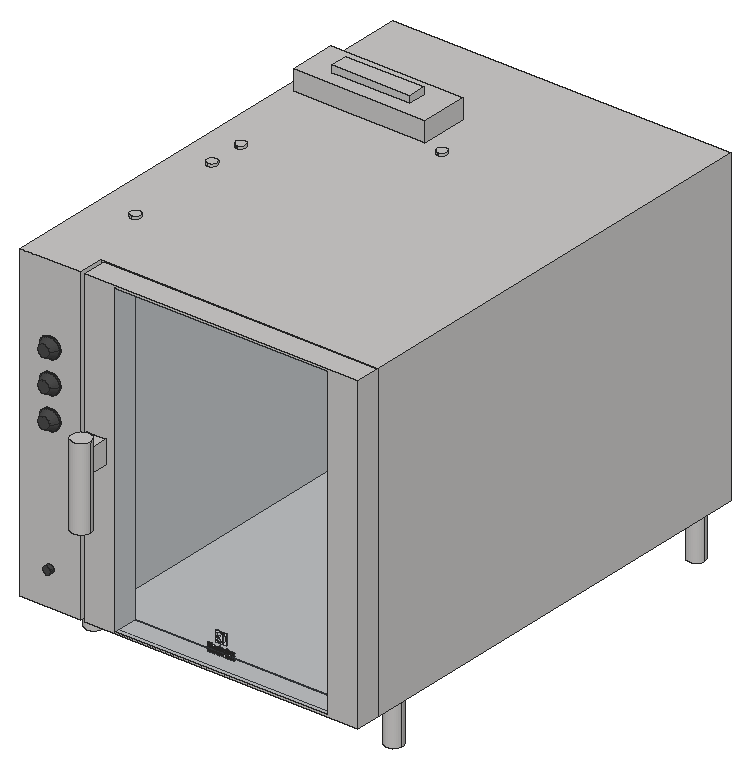
Revit family "QF_ELECTROLUXPROFESSIONAL_260829_EFCL12CSBQ", category Attrezzature speciali, Revit 2018
Family settings
  Quota connettore circolare = Usa diametro
  Tipo di parte = Normale
  Basato su piano di lavoro = No
  Sempre verticale = Sì
  Taglio con vuoti quando caricato = No
  Condiviso = No
  Punto di calcolo locali = No
Parameters (values of type "Standard")
  Weight = 154.00 kg
  Watts = 500 W
  Volts = 220 V
  URL Manufacturer = "https://www.electroluxprofessional.com/"
  URL = "https://www.electroluxprofessional.com/"
  Steam Supply Size = 0 mm
  Steam Supply Minimum Pressure = 0.0 Pa
  Steam Supply Maximum Pressure = 0.0 Pa
  Steam Consumption per Hour = 0
  Show Logo [instance] = yes
  Show Clearance [instance] = yes
  Refrigeration Suction Line Size = 0 mm
  Refrigeration Liquid Line Size = 0 mm
  Refrigerant Compressor Remote = yes
  Produttore = "Electrolux Professional"
  Phase = 1
  Modello = "EFCL12CSBQ"
  Length Actual = 890 mm  # constant formula
  Item Number = "260829"
  Hot Water Size = 0 mm
  Height Actual = 970 mm  # constant formula
  HP = "0.7 HP"
  Gas Size = 12.7 mm
  Gas KW = 25
  Gas Input Pressure = 0.183019 W
  Direct Waste Size = 25 mm
  Descrizione = "CONVECTION OVEN CW 10 GN 2/1 - GAS - 60HZ - Q MARK"
  Depth Actual = 1215 mm  # constant formula
  Cycle = 60 Hz
  Condensate Return Size = 0 mm
  Compressed Air Volume = 0.0 L/s
  Compressed Air Size = 0 mm
  Compressed Air Pressure = 0.0 Pa
  Cold Water Size = 19.05 mm
  Accessory = yes
Types (2, lengths in mm): name | URL | Produttore | Phase | Modello | Gas Size | Direct Waste Size | Descrizione | Cold Water Size
  (no name) | 0 | 0 | 0 | 0 | 0 | 0 | 0 | 0
  Standard | "https://www.electroluxprofessional.com/" | "Electrolux Professional" | 1 | "EFCL12CSBQ" | 12.7 | 25 | "CONVECTION OVEN CW 10 GN 2/1 - GAS - 60HZ - Q MARK" | 19.05
Values of the unnamed type that differ from the named types
  Weight = 0.00 kg
  Watts = 0 W
  Volts = 0 V
  URL Manufacturer = ""
  Item Number = ""
  HP = ""
  Gas KW = 0
  Gas Input Pressure = 0 W
  Cycle = 0 Hz
Reference planes
  plane 1 "Center X": y = -132.649
  plane 2: z = 0
  plane 3 "Center Y": x = -315
  plane 4 "LEFT": x = -760
  plane 5 "BACK": y = 479.851
  plane 6 "RIGHT": x = 130
  plane 7 "FRONT": y = -745.149
  plane 8: x = -710
  plane 9: y = 421.851
  plane 10: y = -680.149
  plane 11: x = 80
  plane 12: y = -1426.149
Forms (mm)
  Extrusion 1, solid, material "QF_Finishes_Stainless Steel"
    sketch origin (0, 0, 950) x (-1, 0, 0) y (0, -1, 0)
      loop
        line (760, -479.851) -> (760, 745.149) -> (600, 745.149) -> (600, 680.149) -> (-130, 680.149) -> (-130, -479.851) -> (760, -479.851)
    from 0 to -820
  Extrusion 2, solid, material "QF_Finishes_Stainless Steel"
    sketch origin (0, -745.149, -670) x (-1, 0, 0) y (0, 0, 1)
      loop
        line (590, 1620) -> (-130, 1620) -> (-130, 800) -> (590, 800) -> (590, 1620)
      loop
        line (510, 1615) -> (-50, 1615) -> (-50, 805) -> (510, 805) -> (510, 1615)
    from 0 to 65
  Extrusion 3, solid, material "QF_Finishes_Glass"
    sketch origin (0, -745.149, -670) x (-1, 0, 0) y (0, 0, 1)
      loop
        line (-50, 1615) -> (-50, 805) -> (510, 805) -> (510, 1615) -> (-50, 1615)
    from 0 to 9.69
  Extrusion 4, void
    sketch origin (-600, -680.149, 950) x (-1, 0, 0) y (0, 0, 1)
      loop
        line (-10, -5) -> (-650, -5) -> (-650, -815) -> (-10, -815) -> (-10, -5)
    from 0 to 1102
  Extrusion 5, solid, material "QF_Finishes_Stainless Steel"
    sketch origin (-32, -391, 955) x (0, -1, 0) y (-1, 0, 0)
      loop
        circle (-265.851, 643) r 13.25
    from 0 to 5
  Extrusion 6, solid, material "QF_Door-Drawer Clearances", visible <- "Show Clearance", detail levels coarse
    sketch origin (0, 0, 950) x (-1, 0, 0) y (0, -1, 0)
      loop
        arc (590, 745.149) -> (362.228, 1225.45) -> (-130, 1426.149) r 734.22
        line (-130, 1426.149) -> (-130, 745.149) -> (590, 745.149)
    from -820 to 0
  Extrusion 7, solid, material "QF_Finishes_Black"
    sketch origin (24, -745.149, -766.676) x (-1, 0, 0) y (0, 0, 1)
      loop
        circle (704, 1512.5) r 26.676
    from 0 to -3
  Blend 8, solid, material "QF_Finishes_Black"
    base sketch origin (-21, -745.149, -766.676) x (1, 0, 0) y (0, 0, 1)
      loop
        circle (-659, 1512.5) r 25
    top sketch origin (-21, -745.149, -766.676) x (1, 0, 0) y (0, 0, 1)
      loop
        circle (-659, 1512.5) r 15
    from 3 to 21.442
  Extrusion 9, solid, material "QF_Finishes_Black"
    sketch origin (24, -745.149, -851.676) x (-1, 0, 0) y (0, 0, 1)
      loop
        circle (704, 1512.5) r 26.676
    from 0 to -3
  Blend 10, solid, material "QF_Finishes_Black"
    base sketch origin (-21, -745.149, -851.676) x (1, 0, 0) y (0, 0, 1)
      loop
        circle (-659, 1512.5) r 25
    top sketch origin (-21, -745.149, -851.676) x (1, 0, 0) y (0, 0, 1)
      loop
        circle (-659, 1512.5) r 15
    from 3 to 21.442
  Extrusion 11, solid, material "QF_Finishes_Black"
    sketch origin (24, -745.149, -936.676) x (-1, 0, 0) y (0, 0, 1)
      loop
        circle (704, 1512.5) r 26.676
    from 0 to -3
  Blend 12, solid, material "QF_Finishes_Black"
    base sketch origin (-21, -745.149, -936.676) x (1, 0, 0) y (0, 0, 1)
      loop
        circle (-659, 1512.5) r 25
    top sketch origin (-21, -745.149, -936.676) x (1, 0, 0) y (0, 0, 1)
      loop
        circle (-659, 1512.5) r 15
    from 3 to 21.442
  Extrusion 13, solid, material "QF_Finishes_Stainless Steel"
    sketch origin (-17, -431, 955) x (0, -1, 0) y (-1, 0, 0)
      loop
        circle (59.149, 643) r 13.25
    from 0 to 5
  Extrusion 14, solid, material "QF_Finishes_Stainless Steel"
    sketch origin (309, 1.5, 955) x (0, -1, 0) y (-1, 0, 0)
      loop
        circle (-108.351, 643) r 13.25
    from 0 to 5
  Extrusion 15, solid, material "QF_Finishes_Stainless Steel"
    sketch origin (0, 0, 575) x (-1, 0, 0) y (0, -1, 0)
      loop
        circle (559.299, 795.149) r 25
    from -193.655 to 20
  Extrusion 16, solid, material "QF_Finishes_Stainless Steel"
    sketch origin (0, 0, 575) x (-1, 0, 0) y (0, -1, 0)
      loop
        line (534.299, 795.149) -> (534.299, 745.149) -> (584.299, 745.149) -> (584.299, 795.149)
        arc (584.299, 795.149) -> (559.299, 770.149) -> (534.299, 795.149) r 25
    from -55.026 to 5
  Extrusion 17, solid, material "QF_Finishes_Black"
    sketch origin (25, -795.149, -1017.5) x (-1, 0, 0) y (0, 0, 1)
      loop
        circle (705.941, 1240.523) r 10
    from 40 to 50
  Extrusion 18, solid, material "QF_Finishes_Stainless Steel"
    sketch origin (-122.755, -56.423, 1620) x (-1, 0, 0) y (0, -1, 0)
      loop
        line (611.245, -302.274) -> (611.245, -178.274) -> (265.245, -178.274) -> (265.245, -302.274) -> (611.245, -302.274)
    from -670 to -619
  Extrusion 19, solid, material "QF_Finishes_Stainless Steel"
    sketch origin (-122.755, -56.423, 1001) x (-1, 0, 0) y (0, -1, 0)
      loop
        line (541.245, -263.274) -> (541.245, -217.274) -> (335.245, -217.274) -> (335.245, -263.274) -> (541.245, -263.274)
    from 0 to 17
  Extrusion 20, solid, material "QF_Finishes_Stainless Steel"
    sketch origin (-32, -486, 955) x (0, -1, 0) y (-1, 0, 0)
      loop
        circle (-265.851, 643) r 13.25
    from 0 to 5
Cuts and joins
  Extrusion 4 cuts Extrusion 2
  Extrusion 4 cuts Extrusion 1
Lines and regions (mm)
  Split face 1
    outline origin (50, -745.149, 135) x (1, 0, 0) y (0, 0, 1)
      loop
        line (-546.223, 92.039) -> (-395, 92.039) -> (-366.716, 120.323) -> (-280, 120.323) -> (-193.284, 120.323) -> (-165, 92.039) -> (-13.777, 92.039) -> (-13.777, 732.039) -> (-546.223, 732.039) -> (-546.223, 92.039)
  Split face 2
    outline origin (-760, -745.149, 950) x (0, 0, -1) y (1, 0, 0)
      loop
        line (5, 15) -> (815, 15) -> (815, 145) -> (5, 145) -> (5, 15)
  Split face 3
    outline origin (-760, -745.149, 950) x (0, 0, -1) y (1, 0, 0)
      loop
        line (50, 15) -> (50, 145)
  Split face 4
    outline origin (-760, -745.149, 950) x (0, 0, -1) y (1, 0, 0)
      loop
        line (770, 15) -> (770, 145)
  Split face 5
    outline origin (-760, -745.149, 950) x (0, 0, -1) y (1, 0, 0)
      loop
        line (447.866, 50) -> (472.866, 50) -> (472.866, 110) -> (447.866, 110) -> (447.866, 50)
  symbolic lines
    curve 1: line (-760, -745.149, 1620) -> (-760, 479.851, 1620)
    curve 2: line (-760, 479.851, 1620) -> (130, 479.851, 1620)
    curve 3: line (-600, -680.149, 1620) -> (130, -680.149, 1620)
    curve 4: line (-600, -680.149, 1620) -> (-600, -745.149, 1620)
    curve 5: line (-760, -745.149, 1620) -> (130, -745.149, 1620)
    curve 6: line (-706.676, -748.149, 1620) -> (-653.324, -748.149, 1620)
    curve 7: line (-695, -766.591, 1620) -> (-665, -766.591, 1620)
    curve 8: line (-706.676, -748.149, 1620) -> (-706.676, -745.149, 1620)
    curve 9: line (-653.324, -748.149, 1620) -> (-653.324, -745.149, 1620)
    curve 10: line (-695, -766.591, 1620) -> (-705, -748.149, 1620)
    curve 11: line (-665, -766.591, 1620) -> (-655.006, -748.149, 1620)
    curve 12: line (130, 479.851, 1620) -> (130, -745.149, 1620)
    curve 14: arc (-534.299, -795.149, 1620) -> (-559.299, -770.149, 1620) -> (-584.299, -795.149, 1620) r 25
    curve 15: arc (-584.299, -795.149, 1620) -> (-559.299, -820.149, 1620) -> (-534.299, -795.149, 1620) r 25
    curve 16: line (-534.299, -795.149, 1620) -> (-534.299, -745.149, 1620)
    curve 17: line (-584.299, -745.149, 1620) -> (-584.299, -795.149, 1620)
    curve 19: line (-734, 245.851, 1620) -> (-388, 245.851, 1620)
    curve 20: line (-734, 121.851, 1620) -> (-734, 245.851, 1620)
    curve 21: line (-388, 121.851, 1620) -> (-734, 121.851, 1620)
    curve 22: line (-388, 245.851, 1620) -> (-388, 121.851, 1620)
    curve 23: line (-664, 206.851, 1620) -> (-458, 206.851, 1620)
    curve 24: line (-664, 160.851, 1620) -> (-664, 206.851, 1620)
    curve 25: line (-458, 160.851, 1620) -> (-664, 160.851, 1620)
    curve 26: line (-458, 206.851, 1620) -> (-458, 160.851, 1620)
  symbolic lines, style "QF_Door-Drawer Clearances"
    curve 13: line (130, -1426.149, 1620) -> (130, -745.149, 1620)
    curve 18: arc (-590, -745.149, 1620) -> (-362.228, -1225.45, 1620) -> (130, -1426.149, 1620) r 734.22
Dimensions and locks
  equal spacing: plane 4 "LEFT", plane 3 "Center Y", plane 6 "RIGHT"
  plane 4 "LEFT" to plane 6 "RIGHT" = 890 mm
  plane 5 "BACK" to plane 7 "FRONT" = 1225 mm
  equal spacing: plane 5 "BACK", plane 1 "Center X", plane 7 "FRONT"
  plane 5 "BACK" to plane 12 = 1906 mm
  Extrusion 6 to level = 130 mm
  Extrusion 6 to level = 950 mm
  aligned and locked: level to plane 2
  aligned and locked: Blend 8 to Extrusion 7
  aligned and locked: Blend 10 to Extrusion 9
  aligned and locked: Blend 12 to Extrusion 11
Automatic sketch dimensions
  Extrusion 1 sketch curve to plane 5 "BACK" = 0 mm
  Extrusion 1 sketch curve to plane 6 "RIGHT" = 0 mm
  Extrusion 1 sketch curve to plane 10 = 0 mm
  Extrusion 1 sketch curve to plane 7 "FRONT" = 0 mm
  Extrusion 1 sketch curve to plane 4 "LEFT" = 0 mm
  plane 8 to Extrusion 1 sketch curve = 110 mm
  Extrusion 2 sketch curve to plane 6 "RIGHT" = 0 mm
  Extrusion 2 sketch curve to plane 11 = 30 mm
  Extrusion 2 sketch curve to plane 3 "Center Y" = 195 mm
  Extrusion 2 sketch curve to Extrusion 2 sketch curve = 80 mm
  level to Extrusion 2 sketch curve = 130 mm
  Extrusion 2 sketch curve to Extrusion 2 sketch curve = 5 mm  (x2)
  Extrusion 2 sketch curve to Extrusion 2 sketch curve = 810 mm
  Extrusion 3 sketch curve to plane 11 = 30 mm
  Extrusion 3 sketch curve to plane 3 "Center Y" = 195 mm  (x2)
  level to Extrusion 3 sketch curve = 135 mm
  Extrusion 3 sketch curve to Extrusion 3 sketch curve = 810 mm
  Extrusion 4 sketch curve to plane 11 = 30 mm
  plane 8 to Extrusion 4 sketch curve = 120 mm
  level to Extrusion 4 sketch curve = 135 mm
  Extrusion 4 sketch curve to Extrusion 4 sketch curve = 810 mm
  Extrusion 5 sketch curve to plane 1 "Center X" = 7.5 mm
  plane 8 to Extrusion 5 sketch curve = 35 mm
  Extrusion 6 sketch curve to plane 6 "RIGHT" = 0 mm
  Extrusion 6 sketch curve to plane 7 "FRONT" = 0 mm
  Extrusion 6 sketch curve to plane 12 = 0 mm
  plane 6 "RIGHT" to Extrusion 6 sketch curve = 12.296 mm
  plane 8 to Extrusion 6 sketch curve = 120 mm
  plane 8 to Extrusion 7 sketch curve = 30 mm
  level to Extrusion 7 sketch curve = 745.824 mm
  Extrusion 2 to Blend 8 sketch curve = 90 mm  (x2)
  Extrusion 2 to Blend 8 sketch curve = 199.176 mm  (x2)
  plane 8 to Extrusion 9 sketch curve = 30 mm
  level to Extrusion 9 sketch curve = 660.824 mm
  Extrusion 2 to Blend 10 sketch curve = 90 mm  (x2)
  Extrusion 2 to Blend 10 sketch curve = 284.176 mm  (x2)
  plane 8 to Extrusion 11 sketch curve = 30 mm
  level to Extrusion 11 sketch curve = 575.824 mm
  Extrusion 2 to Blend 12 sketch curve = 90 mm  (x2)
  Extrusion 2 to Blend 12 sketch curve = 369.176 mm  (x2)
  plane 8 to Extrusion 13 sketch curve = 50 mm
  plane 10 to Extrusion 13 sketch curve = 190 mm
  Extrusion 14 sketch curve to plane 3 "Center Y" = 19 mm
  Extrusion 14 sketch curve to plane 1 "Center X" = 242.5 mm
  Extrusion 15 sketch curve to plane 7 "FRONT" = 50 mm
  plane 8 to Extrusion 15 sketch curve = 150.701 mm
  Extrusion 16 sketch curve to plane 7 "FRONT" = 0 mm
  plane 8 to Extrusion 16 sketch curve = 175.701 mm
  Extrusion 16 sketch curve to Extrusion 16 sketch curve = 25 mm
  Extrusion 16 sketch curve to plane 7 "FRONT" = 50 mm
  Split face 1 sketch curve to Extrusion 3 = 13.777 mm  (x2)
  Split face 1 sketch curve to Split face 1 sketch curve = 151.223 mm
  Split face 1 sketch curve to Split face 1 sketch curve = 28.284 mm  (x3)
  Split face 1 sketch curve to Split face 1 sketch curve = 86.716 mm  (x2)
  Split face 1 sketch curve to Extrusion 3 = 92.039 mm  (x2)
  Split face 1 sketch curve to Extrusion 3 = 77.961 mm
  Split face 2 sketch curve to cut or joined group of Extrusion 1, Extrusion 4 = 5 mm  (x2)
  Split face 2 sketch curve to cut or joined group of Extrusion 1, Extrusion 4 = 15 mm  (x2)
  Split face 3 sketch curve to cut or joined group of Extrusion 1, Extrusion 4 = 15 mm  (x2)
  Split face 3 sketch curve to cut or joined group of Extrusion 1, Extrusion 4 = 50 mm
  Split face 4 sketch curve to cut or joined group of Extrusion 1, Extrusion 4 = 15 mm  (x2)
  Split face 4 sketch curve to cut or joined group of Extrusion 1, Extrusion 4 = 50 mm
  Split face 5 sketch curve to cut or joined group of Extrusion 1, Extrusion 4 = 50 mm  (x2)
  Split face 5 sketch curve to cut or joined group of Extrusion 1, Extrusion 4 = 372.134 mm
  Split face 5 sketch curve to Split face 5 sketch curve = 25 mm
  plane 8 to Extrusion 17 sketch curve = 29.059 mm
  level to Extrusion 17 sketch curve = 223.023 mm
  Extrusion 18 sketch curve to plane 3 "Center Y" = 73 mm
  Extrusion 18 sketch curve to plane 8 = 24 mm
  Extrusion 18 sketch curve to plane 9 = 176 mm
  Extrusion 18 sketch curve to Extrusion 18 sketch curve = 124 mm
  Extrusion 19 sketch curve to Extrusion 18 = 70 mm  (x2)
  Extrusion 19 sketch curve to Extrusion 18 = 39 mm  (x2)
  plane 8 to Extrusion 20 sketch curve = 35 mm
  plane 1 "Center X" to Extrusion 20 sketch curve = 87.5 mm
  curve 14 to curve 15 = 0 mm  (x2)
  curve 12 to plane 6 "RIGHT" = 0 mm
  curve 16 to plane 7 "FRONT" = 0 mm
  curve 4 to plane 10 = 0 mm
  curve 2 to plane 4 "LEFT" = 0 mm
  curve 1 to plane 5 "BACK" = 0 mm
  curve 18 to plane 12 = 0 mm
  plane 6 "RIGHT" to curve 18 = 12.296 mm
  curve 19 to plane 3 "Center Y" = 73 mm
  curve 19 to curve 26 = 70 mm
  curve 16 to plane 7 "FRONT" = 50 mm
  plane 8 to curve 16 = 175.701 mm
  curve 14 to curve 15 = 25 mm
  curve 17 to curve 4 = 15.701 mm
  curve 6 to plane 7 "FRONT" = 3 mm
  curve 4 to curve 6 = 53.324 mm
  plane 8 to curve 23 = 46 mm
  curve 11 to plane 7 "FRONT" = 21.442 mm
  curve 6 to curve 11 = 11.676 mm
  plane 8 to curve 7 = 15 mm
  plane 8 to curve 8 = 3.324 mm
  curve 20 to plane 8 = 24 mm
  curve 19 to plane 9 = 176 mm
  curve 19 to curve 23 = 39 mm
  curve 23 to curve 25 = 46 mm
  curve 24 to curve 21 = 39 mm
  curve 18 to plane 10 = 11.883 mm
  curve 6 to curve 11 = 1.682 mm
  curve 10 to curve 6 = 1.676 mm
  radius of Extrusion 5 sketch curve = 13.25 mm
  radius of Extrusion 7 sketch curve = 26.676 mm
  radius of Blend 8 sketch curve = 25 mm
  radius of Blend 8 sketch curve = 15 mm
  radius of Extrusion 9 sketch curve = 26.676 mm
  radius of Blend 10 sketch curve = 25 mm
  radius of Blend 10 sketch curve = 15 mm
  radius of Extrusion 11 sketch curve = 26.676 mm
  radius of Blend 12 sketch curve = 25 mm
  radius of Blend 12 sketch curve = 15 mm
  radius of Extrusion 13 sketch curve = 13.25 mm
  radius of Extrusion 14 sketch curve = 13.25 mm
  radius of Extrusion 15 sketch curve = 25 mm
  radius of Extrusion 17 sketch curve = 10 mm
  radius of Extrusion 20 sketch curve = 13.25 mm
Nested families
  nested 1: "Foot" at (-710, -565.149, 0), type "Foot"
    with Ø 22 mm, H 130 mm
  nested 2: "Foot" at (80, -565.149, 0), type "Foot"
    with Ø 22 mm, H 130 mm
  nested 3: "Foot" at (80, 429.851, 0), type "Foot"
    with Ø 22 mm, H 130 mm
  nested 4: "Foot" at (-710, 429.851, 0), type "Foot"
    with Ø 22 mm, H 130 mm
  nested 5: "ELX_Pro_Logo" at (-230, -745.149, 201.012) x (1, 0, 0) z (0, -1, 0), type "ELX_Pro_Logo"
Connectors
  piping at (-334, 109.851, 955), diameter 26.4
    settings: on Extrusion 14, index 6, connector inside diameter 609.6 mm, connector length 0 mm, flow factor 0, pipe flow 0.0 L/s, pressure drop 0.0 Pa, fitting loss kfactor 0, connector angle 0.00°, fixture units 0, engagement length 0 mm, angle of deflection 0.00°, flow configuration 0, flow direction 0, fitting loss method 0, system type 16, joint type 0, gender type 0, connector reference index -1, connector utility 0, adjustable connector no, is connector primary yes, connector description ""
  electrical at (-660, -490.149, 955)
    settings: on Extrusion 13, index 7, voltage 0 V, apparent load 0 VA, apparent load phase1 0 VA, apparent load phase2 0 VA, apparent load phase3 0 VA, power factor 1, load classification "Altro", number of poles 1, system type 30, power factor state 1, is connector primary yes, connector utility no, sub classification motor no, connector description "Electrical"
  piping at (-675, -125.149, 955), diameter 26.4
    settings: on Extrusion 5, index 8, connector inside diameter 609.6 mm, connector length 0 mm, flow factor 0, pipe flow 0.0 L/s, pressure drop 0.0 Pa, fitting loss kfactor 0, connector angle 0.00°, fixture units 0, engagement length 0 mm, angle of deflection 0.00°, flow configuration 0, flow direction 0, fitting loss method 0, system type 20, joint type 0, gender type 0, connector reference index -1, connector utility 0, adjustable connector no, is connector primary no, connector description "Cold Water Inled"
  piping at (-675, -220.149, 955), diameter 26.4
    settings: on Extrusion 20, index 9, connector inside diameter 609.6 mm, connector length 0 mm, flow factor 0, pipe flow 0.0 L/s, pressure drop 0.0 Pa, fitting loss kfactor 0, connector angle 0.00°, fixture units 0, engagement length 0 mm, angle of deflection 0.00°, flow configuration 0, flow direction 0, fitting loss method 0, system type 22, joint type 0, gender type 0, connector reference index -1, connector utility 0, adjustable connector no, is connector primary no, connector description "Gas"
Definition of nested family "Foot"
  Parameters
    Ø [instance] = 20 mm
    H [instance] = 50 mm
  Reference planes
    plane 1 "Centro (Fronte/Retro)": y = 0
    plane 2: z = 0
    plane 3 "Centro (Sinistra/Destra)": x = 0
    plane 4: z = 50
  Forms (mm)
    Revolve 1, solid
      sketch origin (255.05, 0, 608.09) x (0, 0, 1) y (-1, 0, 0)
        loop
          line (-608.09, 255.05) -> (-608.09, 235.05) -> (-558.09, 235.05) -> (-558.09, 255.05) -> (-608.09, 255.05)
        axis (-608.09, 255.05) -> (-558.09, 255.05)
      angle from 0 to 360
  Dimensions and locks
    "H": plane 4 to plane 2
    "Ø": Revolve 1 sketch curve to Revolve 1 sketch curve
    aligned and locked: level to plane 2
    aligned and locked: plane 4 to Revolve 1 sketch curve
    aligned and locked: Revolve 1 sketch curve to level
    aligned and locked: plane 3 "Centro (Sinistra/Destra)" to Revolve 1 sketch curve
  Automatic sketch dimensions
    Revolve 1 sketch curve to plane 3 "Centro (Sinistra/Destra)" = 0 mm
    Revolve 1 sketch curve to Revolve 1 sketch curve = 50 mm
    Revolve 1 sketch curve to Revolve 1 sketch curve = 20 mm
Definition of nested family "ELX_Pro_Logo"
  Parameters (values of type "ELX_Pro_Logo")
    M = none
    Default Elevation = 0 mm
  Reference planes
    plane 1 "Centro (Fronte/Retro)": y = 0
    plane 2: z = 0
    plane 3 "Centro (Sinistra/Destra)": x = 0
  Forms (mm)
    Extrusion 1, solid
      sketch origin (0, 0, 0) x (1, 0, 0) y (0, 1, 0)
        loop
          line (-1219.2, 1219.2) -> (-1219.2, -1219.2) -> (1219.2, -1219.2) -> (1219.2, 1219.2) -> (-1219.2, 1219.2)
      from 0 to -304.8
    Extrusion 2, solid, material <- "M"
      sketch origin (-144.622, -1081.55, 0) x (-1, 0, 0) y (0, -1, 0)
        loop
          line (-111.329, -1069.559) -> (-111.329, -1071.073) -> (-116.048, -1071.073) -> (-116.048, -1072.896) -> (-111.328, -1072.896) -> (-111.328, -1075.549) -> (-116.349, -1075.549) -> (-116.349, -1077.368) -> (-109.396, -1077.368) -> (-109.396, -1073.46) -> (-109.396, -1069.659)
          arc (-109.396, -1069.659) -> (-110.425, -1067.175) -> (-112.909, -1066.146) r 3.513
          line (-112.909, -1066.146) -> (-116.483, -1066.146) -> (-116.483, -1067.963) -> (-112.925, -1067.963)
          arc (-112.925, -1067.963) -> (-111.797, -1068.431) -> (-111.329, -1069.559) r 1.596
        loop
          line (-119.79, -1077.358) -> (-117.856, -1077.358) -> (-117.856, -1072.053) -> (-117.856, -1066.132) -> (-119.79, -1066.132) -> (-119.79, -1072.092) -> (-119.79, -1077.358)
        loop
          line (-122.986, -1069.718) -> (-129.327, -1069.718)
          arc (-129.327, -1069.718) -> (-129.219, -1071.449) -> (-128.497, -1073.026) r 4.757
          arc (-128.497, -1073.026) -> (-125.237, -1074.5) -> (-121.978, -1073.026) r 4.34
          arc (-121.978, -1073.026) -> (-121.072, -1070.207) -> (-121.978, -1067.388) r 4.838
          arc (-121.978, -1067.388) -> (-125.393, -1065.933) -> (-128.809, -1067.388) r 4.737
          line (-128.809, -1067.388) -> (-127.645, -1068.52)
          arc (-127.645, -1068.52) -> (-125.509, -1067.576) -> (-123.374, -1068.52) r 2.888
          arc (-123.374, -1068.52) -> (-123.05, -1069.077) -> (-122.986, -1069.718) r 1.527
        loop
          arc (-127.386, -1071.076) -> (-126.67, -1072.331) -> (-125.331, -1072.872) r 2.201
          arc (-125.331, -1072.872) -> (-123.848, -1072.402) -> (-123.033, -1071.076) r 2.23
          line (-123.033, -1071.076) -> (-127.386, -1071.076)
        loop
          line (-136.862, -1071.886) -> (-138.059, -1073.132)
          arc (-138.059, -1073.132) -> (-130.327, -1070.219) -> (-138.059, -1067.306) r 4.415
          line (-138.059, -1067.306) -> (-136.862, -1068.553)
          arc (-136.862, -1068.553) -> (-132.252, -1070.22) -> (-136.862, -1071.886) r 2.606
        loop
          line (-141.192, -1069.673) -> (-141.192, -1072.494) -> (-142.951, -1072.494) -> (-142.951, -1074.25) -> (-141.195, -1074.25) -> (-141.195, -1077.358) -> (-139.262, -1077.358) -> (-139.262, -1073.332) -> (-139.262, -1069.514)
          arc (-139.262, -1069.514) -> (-140.299, -1066.92) -> (-142.98, -1066.132) r 3.196
          line (-142.98, -1066.132) -> (-142.987, -1067.949)
          arc (-142.987, -1067.949) -> (-141.652, -1068.356) -> (-141.192, -1069.673) r 1.542
        loop
          line (-146.494, -1073.042) -> (-146.494, -1074.25) -> (-144.576, -1074.25) -> (-144.576, -1070.271) -> (-144.576, -1066.132) -> (-146.494, -1066.132) -> (-146.494, -1070.401)
          arc (-146.494, -1070.401) -> (-147.446, -1072.228) -> (-149.489, -1072.494) r 2.229
          line (-149.489, -1072.494) -> (-149.489, -1074.362)
          arc (-149.489, -1074.362) -> (-147.761, -1074.226) -> (-146.494, -1073.042) r 2.627
        loop
          line (-159.833, -1072.246) -> (-159.833, -1066.131) -> (-161.767, -1066.131) -> (-161.767, -1072.17) -> (-161.767, -1077.359) -> (-159.833, -1077.359) -> (-159.833, -1072.246)
        loop
          line (-165.194, -1069.514) -> (-165.194, -1074.25) -> (-163.245, -1074.25) -> (-163.245, -1071.898) -> (-163.245, -1069.098)
          arc (-163.245, -1069.098) -> (-166.96, -1065.769) -> (-170.687, -1069.085) r 3.745
          line (-170.687, -1069.085) -> (-170.687, -1071.898) -> (-170.687, -1074.25) -> (-168.739, -1074.25) -> (-168.739, -1069.514)
          arc (-168.739, -1069.514) -> (-166.967, -1067.742) -> (-165.194, -1069.514) r 1.772
        loop
          line (-174.654, -1070.416) -> (-172.975, -1068.078) -> (-171.578, -1066.131) -> (-173.656, -1066.131) -> (-175.717, -1068.999) -> (-177.779, -1066.131) -> (-179.857, -1066.131) -> (-178, -1068.728) -> (-176.781, -1070.433) -> (-178.29, -1072.488) -> (-179.583, -1074.25) -> (-177.473, -1074.25) -> (-175.717, -1071.818) -> (-173.945, -1074.25) -> (-171.852, -1074.25) -> (-173.052, -1072.608) -> (-174.654, -1070.416)
        loop
          circle (-154.223, -1070.188) r 2.508
        loop
          circle (-154.223, -1070.188) r 4.42
        loop
          line (-110.224, -1058.542) -> (-111.194, -1058.542)
          arc (-111.194, -1058.542) -> (-112.217, -1059.95) -> (-110.924, -1061.114) r 1.3
          line (-110.924, -1061.114) -> (-109.424, -1061.114) -> (-109.424, -1057.223) -> (-110.224, -1057.223) -> (-110.224, -1058.542)
        loop
          line (-110.224, -1060.379) -> (-110.224, -1059.293) -> (-111.03, -1059.293)
          arc (-111.03, -1059.293) -> (-111.43, -1059.836) -> (-111.03, -1060.379) r 0.569
          line (-111.03, -1060.379) -> (-110.224, -1060.379)
        loop
          line (-116.302, -1058.564) -> (-117.128, -1058.564) -> (-117.934, -1057.223) -> (-118.841, -1057.223) -> (-117.833, -1058.884)
          arc (-117.833, -1058.884) -> (-118.214, -1060.282) -> (-117.028, -1061.114) r 1.26
          line (-117.028, -1061.114) -> (-115.503, -1061.114) -> (-115.503, -1057.223) -> (-116.302, -1057.223) -> (-116.302, -1058.564)
        loop
          line (-116.302, -1060.379) -> (-116.302, -1059.293) -> (-117.109, -1059.293)
          arc (-117.109, -1059.293) -> (-117.508, -1059.836) -> (-117.109, -1060.379) r 0.569
          line (-117.109, -1060.379) -> (-116.302, -1060.379)
        loop
          line (-128.923, -1057.223) -> (-129.723, -1057.223) -> (-129.723, -1058.714) -> (-131.187, -1058.714) -> (-131.187, -1059.514) -> (-129.723, -1059.514) -> (-129.723, -1060.314) -> (-131.327, -1060.314) -> (-131.327, -1061.114) -> (-128.923, -1061.114) -> (-128.923, -1057.223)
        loop
          arc (-134.628, -1058.469) -> (-134.992, -1057.588) -> (-135.874, -1057.223) r 1.246
          line (-135.874, -1057.223) -> (-137.13, -1057.223) -> (-137.13, -1058.023) -> (-135.969, -1058.023)
          arc (-135.969, -1058.023) -> (-135.53, -1058.237) -> (-135.427, -1058.714) r 0.558
          line (-135.427, -1058.714) -> (-136.984, -1058.714) -> (-136.984, -1059.514) -> (-135.427, -1059.514) -> (-135.427, -1060.314) -> (-137.092, -1060.314) -> (-137.092, -1061.114) -> (-134.628, -1061.114) -> (-134.628, -1058.469)
        loop
          line (-152.3, -1057.223) -> (-153.1, -1057.223) -> (-153.1, -1061.114) -> (-152.3, -1061.114) -> (-152.3, -1057.223)
        loop
          line (-164.67, -1057.223) -> (-164.67, -1059.67) -> (-166.45, -1057.223) -> (-167.25, -1057.223) -> (-167.25, -1061.114) -> (-166.42, -1061.114) -> (-166.42, -1058.594) -> (-164.64, -1061.114) -> (-163.84, -1061.114) -> (-163.84, -1057.223) -> (-164.67, -1057.223)
        loop
          line (-170.403, -1057.223) -> (-171.262, -1057.223) -> (-171.641, -1058.063) -> (-173.08, -1058.063) -> (-173.459, -1057.223) -> (-174.317, -1057.223) -> (-172.796, -1061.113) -> (-171.996, -1061.113) -> (-170.403, -1057.223)
        loop
          line (-177.493, -1057.223) -> (-179.789, -1057.223) -> (-179.789, -1058.023) -> (-178.293, -1058.023) -> (-178.293, -1061.114) -> (-177.493, -1061.114) -> (-177.493, -1057.223)
        loop
          line (-172.362, -1059.848) -> (-171.945, -1058.83) -> (-172.76, -1058.83) -> (-172.362, -1059.848)
        loop
          circle (-158.484, -1059.145) r 1.288
        loop
          circle (-158.484, -1059.145) r 2.065
        loop
          arc (-146.04, -1058.095) -> (-146.933, -1057.275) -> (-148.145, -1057.245) r 1.725
          arc (-148.145, -1057.245) -> (-148.965, -1058.02) -> (-148.68, -1059.111) r 1.107
          arc (-148.68, -1059.111) -> (-148.103, -1059.465) -> (-147.486, -1059.746) r 5.523
          arc (-147.486, -1059.746) -> (-147.147, -1060.262) -> (-147.708, -1060.52) r 0.407
          arc (-147.708, -1060.52) -> (-148.045, -1060.315) -> (-148.325, -1060.038) r 1.702
          line (-148.325, -1060.038) -> (-149.011, -1060.45)
          arc (-149.011, -1060.45) -> (-148.578, -1060.911) -> (-148.043, -1061.247) r 2.463
          arc (-148.043, -1061.247) -> (-146.373, -1060.466) -> (-147.42, -1058.949) r 1.207
          spline (-147.42, -1058.949) -> (-147.716, -1058.809) -> (-147.932, -1058.678) -> (-148.077, -1058.557) -> (-148.163, -1058.446) -> (-148.198, -1058.347) -> (-148.192, -1058.258) -> (-148.157, -1058.182) -> (-148.102, -1058.118) -> (-148.037, -1058.068) -> (-147.972, -1058.031) -> (-147.917, -1058.008) -> (-147.883, -1058)
          arc (-147.883, -1058) -> (-147.238, -1058.014) -> (-146.759, -1058.446) r 0.925
          line (-146.759, -1058.446) -> (-146.04, -1058.095)
        loop
          arc (-140.18, -1058.095) -> (-141.073, -1057.275) -> (-142.285, -1057.245) r 1.725
          arc (-142.285, -1057.245) -> (-143.106, -1058.02) -> (-142.821, -1059.111) r 1.107
          arc (-142.821, -1059.111) -> (-142.243, -1059.465) -> (-141.627, -1059.746) r 5.523
          arc (-141.627, -1059.746) -> (-141.287, -1060.262) -> (-141.849, -1060.52) r 0.407
          arc (-141.849, -1060.52) -> (-142.185, -1060.315) -> (-142.466, -1060.038) r 1.702
          line (-142.466, -1060.038) -> (-143.151, -1060.45)
          arc (-143.151, -1060.45) -> (-142.719, -1060.911) -> (-142.183, -1061.247) r 2.463
          arc (-142.183, -1061.247) -> (-140.513, -1060.466) -> (-141.56, -1058.949) r 1.207
          spline (-141.56, -1058.949) -> (-141.856, -1058.809) -> (-142.072, -1058.678) -> (-142.218, -1058.557) -> (-142.303, -1058.446) -> (-142.338, -1058.347) -> (-142.333, -1058.258) -> (-142.298, -1058.182) -> (-142.242, -1058.118) -> (-142.177, -1058.068) -> (-142.112, -1058.031) -> (-142.057, -1058.008) -> (-142.023, -1058)
          arc (-142.023, -1058) -> (-141.378, -1058.014) -> (-140.9, -1058.446) r 0.925
          line (-140.9, -1058.446) -> (-140.18, -1058.095)
        loop
          circle (-123.484, -1059.145) r 1.288
        loop
          circle (-123.484, -1059.145) r 2.065
        loop
          line (-130.225, -1113.361) -> (-130.225, -1084.645) -> (-158.979, -1084.645) -> (-158.979, -1113.361) -> (-130.225, -1113.361)
        loop
          arc (-148.442, -1086.055) -> (-157.992, -1098.973) -> (-148.442, -1111.892) r 13.512
          line (-148.442, -1111.892) -> (-148.442, -1086.055)
        loop
          line (-147.127, -1086.055) -> (-147.127, -1087.926)
          arc (-147.127, -1087.926) -> (-143.116, -1095.125) -> (-135.48, -1098.224) r 12.412
          line (-135.48, -1098.224) -> (-131.205, -1098.224)
          arc (-131.205, -1098.224) -> (-136.382, -1088.497) -> (-147.127, -1086.055) r 13.242
        loop
          line (-147.127, -1110.021) -> (-147.127, -1112.224)
          arc (-147.127, -1112.224) -> (-136.374, -1109.53) -> (-131.205, -1099.722) r 13.588
          line (-131.205, -1099.722) -> (-135.48, -1099.722)
          arc (-135.48, -1099.722) -> (-143.116, -1102.822) -> (-147.127, -1110.021) r 12.412
      from 0 to 1.6
  Lines and regions (mm)
    symbolic lines
      curve 1: line (-14.357, 31.811, 0) -> (14.357, 31.811, 0)
      curve 2: line (-14.357, 3.095, 0) -> (-14.357, 31.811, 0)
      curve 3: line (14.357, 3.095, 0) -> (-14.357, 3.095, 0)
      curve 4: line (14.357, 31.811, 0) -> (14.357, 3.095, 0)
      curve 5: line (-8.32, 7.722, 0) -> (-9.387, 8.738, 0)
      curve 6: line (-9.387, 8.738, 0) -> (-10.331, 9.866, 0)
      curve 7: line (-10.331, 9.866, 0) -> (-11.141, 11.095, 0)
      curve 8: line (-11.141, 11.095, 0) -> (-11.805, 12.411, 0)
      curve 9: line (-11.805, 12.411, 0) -> (-12.31, 13.803, 0)
      curve 10: line (-12.31, 13.803, 0) -> (-12.646, 15.26, 0)
      curve 11: line (-12.646, 15.26, 0) -> (-12.8, 16.77, 0)
      curve 12: line (-12.8, 16.77, 0) -> (-10.081, 16.77, 0)
      curve 13: line (-10.081, 16.77, 0) -> (-8.466, 16.661, 0)
      curve 14: line (-8.466, 16.661, 0) -> (-6.88, 16.344, 0)
      curve 15: line (-6.88, 16.344, 0) -> (-5.345, 15.833, 0)
      curve 16: line (-5.345, 15.833, 0) -> (-3.882, 15.143, 0)
      curve 17: line (-3.882, 15.143, 0) -> (-2.511, 14.288, 0)
      curve 18: line (-2.511, 14.288, 0) -> (-1.255, 13.283, 0)
      curve 19: line (-1.255, 13.283, 0) -> (-0.135, 12.143, 0)
      curve 20: line (-0.135, 12.143, 0) -> (0.83, 10.882, 0)
      curve 21: line (0.83, 10.882, 0) -> (1.616, 9.515, 0)
      curve 22: arc (1.616, 9.515, 0) -> (2.419, 7.28, 0) -> (2.7, 4.923, 0) r 10.532
      curve 23: arc (2.7, 4.923, 0) -> (1.362, 4.715, 0) -> (0.011, 4.633, 0) r 14.39
      curve 24: line (0.011, 4.633, 0) -> (-1.56, 4.731, 0)
      curve 25: line (-1.56, 4.731, 0) -> (-3.062, 5.011, 0)
      curve 26: line (-3.062, 5.011, 0) -> (-4.502, 5.462, 0)
      curve 27: line (-4.502, 5.462, 0) -> (-5.866, 6.072, 0)
      curve 28: line (-5.866, 6.072, 0) -> (-7.142, 6.829, 0)
      curve 29: line (-7.142, 6.829, 0) -> (-8.32, 7.722, 0)
      curve 30: line (-10.802, 24.24, 0) -> (-9.872, 25.531, 0)
      curve 31: line (-9.872, 25.531, 0) -> (-8.796, 26.699, 0)
      curve 32: line (-8.796, 26.699, 0) -> (-7.587, 27.728, 0)
      curve 33: line (-7.587, 27.728, 0) -> (-6.258, 28.602, 0)
      curve 34: line (-6.258, 28.602, 0) -> (-4.823, 29.309, 0)
      curve 35: line (-4.823, 29.309, 0) -> (-3.293, 29.832, 0)
      curve 36: line (-3.293, 29.832, 0) -> (-1.683, 30.156, 0)
      curve 37: arc (-1.683, 30.156, 0) -> (0.517, 30.256, 0) -> (2.702, 29.984, 0) r 13.008
      curve 38: arc (2.702, 29.984, 0) -> (2.453, 27.616, 0) -> (1.617, 25.387, 0) r 9.395
      curve 39: line (1.617, 25.387, 0) -> (0.83, 24.018, 0)
      curve 40: line (0.83, 24.018, 0) -> (-0.134, 22.756, 0)
      curve 41: line (-0.134, 22.756, 0) -> (-1.255, 21.615, 0)
      curve 42: line (-1.255, 21.615, 0) -> (-2.512, 20.609, 0)
      curve 43: line (-2.512, 20.609, 0) -> (-3.882, 19.754, 0)
      curve 44: line (-3.882, 19.754, 0) -> (-5.346, 19.063, 0)
      curve 45: line (-5.346, 19.063, 0) -> (-6.881, 18.551, 0)
      curve 46: line (-6.881, 18.551, 0) -> (-8.467, 18.234, 0)
      curve 47: line (-8.467, 18.234, 0) -> (-10.083, 18.125, 0)
      curve 48: line (-10.083, 18.125, 0) -> (-12.798, 18.125, 0)
      curve 49: line (-12.798, 18.125, 0) -> (-12.584, 19.768, 0)
      curve 50: line (-12.584, 19.768, 0) -> (-12.171, 21.343, 0)
      curve 51: line (-12.171, 21.343, 0) -> (-11.572, 22.839, 0)
      curve 52: line (-11.572, 22.839, 0) -> (-10.802, 24.24, 0)
      curve 53: line (4.048, 5.294, 0) -> (4.048, 29.617, 0)
      curve 54: line (4.048, 29.617, 0) -> (5.525, 29.026, 0)
      curve 55: line (5.525, 29.026, 0) -> (6.905, 28.26, 0)
      curve 56: line (6.905, 28.26, 0) -> (8.174, 27.332, 0)
      curve 57: line (8.174, 27.332, 0) -> (9.318, 26.256, 0)
      curve 58: line (9.318, 26.256, 0) -> (10.323, 25.046, 0)
      curve 59: line (10.323, 25.046, 0) -> (11.177, 23.715, 0)
      curve 60: line (11.177, 23.715, 0) -> (11.865, 22.277, 0)
      curve 61: line (11.865, 22.277, 0) -> (12.375, 20.746, 0)
      curve 62: line (12.375, 20.746, 0) -> (12.693, 19.135, 0)
      curve 63: line (12.693, 19.135, 0) -> (12.804, 17.459, 0)
      curve 64: line (12.804, 17.459, 0) -> (12.702, 15.807, 0)
      curve 65: line (12.702, 15.807, 0) -> (12.396, 14.216, 0)
      curve 66: line (12.396, 14.216, 0) -> (11.897, 12.7, 0)
      curve 67: line (11.897, 12.7, 0) -> (11.218, 11.271, 0)
      curve 68: line (11.218, 11.271, 0) -> (10.372, 9.944, 0)
      curve 69: line (10.372, 9.944, 0) -> (9.37, 8.731, 0)
      curve 70: line (9.37, 8.731, 0) -> (8.224, 7.646, 0)
      curve 71: line (8.224, 7.646, 0) -> (6.947, 6.703, 0)
      curve 72: line (6.947, 6.703, 0) -> (5.551, 5.914, 0)
      curve 73: line (5.551, 5.914, 0) -> (4.048, 5.294, 0)
      curve 74: line (-35.227, -8.09, 0) -> (-35.227, -11.891, 0)
      curve 75: arc (-35.227, -11.891, 0) -> (-34.198, -14.375, 0) -> (-31.714, -15.404, 0) r 3.513
      curve 76: line (-31.714, -15.404, 0) -> (-28.139, -15.404, 0)
      curve 77: line (-28.139, -15.404, 0) -> (-28.139, -13.587, 0)
      curve 78: line (-28.139, -13.587, 0) -> (-31.697, -13.587, 0)
      curve 79: arc (-31.697, -13.587, 0) -> (-32.826, -13.119, 0) -> (-33.293, -11.991, 0) r 1.596
      curve 80: line (-33.293, -11.991, 0) -> (-33.293, -10.477, 0)
      curve 81: line (-33.293, -10.477, 0) -> (-28.574, -10.477, 0)
      curve 82: line (-28.574, -10.477, 0) -> (-28.574, -8.654, 0)
      curve 83: line (-28.574, -8.654, 0) -> (-33.294, -8.654, 0)
      curve 84: line (-33.294, -8.654, 0) -> (-33.294, -6.001, 0)
      curve 85: line (-33.294, -6.001, 0) -> (-28.273, -6.001, 0)
      curve 86: line (-28.273, -6.001, 0) -> (-28.273, -4.182, 0)
      curve 87: line (-28.273, -4.182, 0) -> (-35.227, -4.182, 0)
      curve 88: line (-35.227, -4.182, 0) -> (-35.227, -8.09, 0)
      curve 89: line (-24.833, -9.458, 0) -> (-24.833, -4.192, 0)
      curve 90: line (-24.833, -4.192, 0) -> (-26.766, -4.192, 0)
      curve 91: line (-26.766, -4.192, 0) -> (-26.766, -9.497, 0)
      curve 92: line (-26.766, -9.497, 0) -> (-26.766, -15.418, 0)
      curve 93: line (-26.766, -15.418, 0) -> (-24.833, -15.418, 0)
      curve 94: line (-24.833, -15.418, 0) -> (-24.833, -9.458, 0)
      curve 95: arc (-16.125, -8.524, 0) -> (-19.385, -7.05, 0) -> (-22.645, -8.524, 0) r 4.34
      curve 96: arc (-22.645, -8.524, 0) -> (-23.551, -11.343, 0) -> (-22.645, -14.162, 0) r 4.838
      curve 97: arc (-22.645, -14.162, 0) -> (-19.229, -15.617, 0) -> (-15.813, -14.162, 0) r 4.737
      curve 98: line (-15.813, -14.162, 0) -> (-16.978, -13.03, 0)
      curve 99: arc (-16.978, -13.03, 0) -> (-19.113, -13.974, 0) -> (-21.249, -13.03, 0) r 2.888
      curve 100: arc (-21.249, -13.03, 0) -> (-21.572, -12.473, 0) -> (-21.637, -11.832, 0) r 1.527
      curve 101: line (-21.637, -11.832, 0) -> (-15.295, -11.832, 0)
      curve 102: arc (-15.295, -11.832, 0) -> (-15.404, -10.101, 0) -> (-16.125, -8.524, 0) r 4.757
      curve 103: line (-17.236, -10.474, 0) -> (-21.589, -10.474, 0)
      curve 104: arc (-21.589, -10.474, 0) -> (-20.774, -9.148, 0) -> (-19.291, -8.678, 0) r 2.23
      curve 105: arc (-19.291, -8.678, 0) -> (-17.952, -9.219, 0) -> (-17.236, -10.474, 0) r 2.201
      curve 106: arc (-6.563, -8.418, 0) -> (-14.295, -11.331, 0) -> (-6.563, -14.244, 0) r 4.415
      curve 107: line (-6.563, -14.244, 0) -> (-7.761, -12.997, 0)
      curve 108: arc (-7.761, -12.997, 0) -> (-12.371, -11.33, 0) -> (-7.761, -9.664, 0) r 2.606
      curve 109: line (-7.761, -9.664, 0) -> (-6.563, -8.418, 0)
      curve 110: line (-5.361, -4.192, 0) -> (-5.361, -8.218, 0)
      curve 111: line (-5.361, -8.218, 0) -> (-5.361, -12.036, 0)
      curve 112: arc (-5.361, -12.036, 0) -> (-4.323, -14.63, 0) -> (-1.642, -15.418, 0) r 3.196
      curve 113: line (-1.642, -15.418, 0) -> (-1.636, -13.601, 0)
      curve 114: arc (-1.636, -13.601, 0) -> (-2.97, -13.194, 0) -> (-3.43, -11.877, 0) r 1.542
      curve 115: line (-3.43, -11.877, 0) -> (-3.43, -9.056, 0)
      curve 116: line (-3.43, -9.056, 0) -> (-1.672, -9.056, 0)
      curve 117: line (-1.672, -9.056, 0) -> (-1.672, -7.299, 0)
      curve 118: line (-1.672, -7.299, 0) -> (-3.427, -7.299, 0)
      curve 119: line (-3.427, -7.299, 0) -> (-3.427, -4.192, 0)
      curve 120: line (-3.427, -4.192, 0) -> (-5.361, -4.192, 0)
      curve 121: line (1.872, -7.3, 0) -> (-0.046, -7.3, 0)
      curve 122: line (-0.046, -7.3, 0) -> (-0.046, -11.279, 0)
      curve 123: line (-0.046, -11.279, 0) -> (-0.046, -15.418, 0)
      curve 124: line (-0.046, -15.418, 0) -> (1.872, -15.418, 0)
      curve 125: line (1.872, -15.418, 0) -> (1.872, -11.149, 0)
      curve 126: arc (1.872, -11.149, 0) -> (2.824, -9.322, 0) -> (4.867, -9.056, 0) r 2.229
      curve 127: line (4.867, -9.056, 0) -> (4.867, -7.188, 0)
      curve 128: arc (4.867, -7.188, 0) -> (3.138, -7.324, 0) -> (1.872, -8.508, 0) r 2.627
      curve 129: line (1.872, -8.508, 0) -> (1.872, -7.3, 0)
      curve 130: arc (7.092, -11.362, 0) -> (9.601, -8.854, 0) -> (12.109, -11.362, 0) r 2.508
      curve 131: arc (12.109, -11.362, 0) -> (9.601, -13.871, 0) -> (7.092, -11.362, 0) r 2.508
      curve 132: arc (5.18, -11.362, 0) -> (9.601, -15.783, 0) -> (14.021, -11.362, 0) r 4.42
      curve 133: arc (14.021, -11.362, 0) -> (9.601, -6.942, 0) -> (5.18, -11.362, 0) r 4.42
      curve 134: line (15.211, -4.191, 0) -> (15.211, -9.304, 0)
      curve 135: line (15.211, -9.304, 0) -> (15.211, -15.419, 0)
      curve 136: line (15.211, -15.419, 0) -> (17.145, -15.419, 0)
      curve 137: line (17.145, -15.419, 0) -> (17.145, -9.38, 0)
      curve 138: line (17.145, -9.38, 0) -> (17.145, -4.191, 0)
      curve 139: line (17.145, -4.191, 0) -> (15.211, -4.191, 0)
      curve 140: line (18.622, -7.299, 0) -> (18.622, -9.652, 0)
      curve 141: line (18.622, -9.652, 0) -> (18.622, -12.452, 0)
      curve 142: arc (18.622, -12.452, 0) -> (22.338, -15.781, 0) -> (26.064, -12.465, 0) r 3.745
      curve 143: line (26.064, -12.465, 0) -> (26.064, -9.652, 0)
      curve 144: line (26.064, -9.652, 0) -> (26.064, -7.299, 0)
      curve 145: line (26.064, -7.299, 0) -> (24.116, -7.299, 0)
      curve 146: line (24.116, -7.299, 0) -> (24.116, -12.036, 0)
      curve 147: arc (24.116, -12.036, 0) -> (22.344, -13.808, 0) -> (20.572, -12.036, 0) r 1.772
      curve 148: line (20.572, -12.036, 0) -> (20.572, -7.299, 0)
      curve 149: line (20.572, -7.299, 0) -> (18.622, -7.299, 0)
      curve 150: line (28.43, -8.942, 0) -> (30.032, -11.134, 0)
      curve 151: line (30.032, -11.134, 0) -> (28.353, -13.472, 0)
      curve 152: line (28.353, -13.472, 0) -> (26.955, -15.419, 0)
      curve 153: line (26.955, -15.419, 0) -> (29.033, -15.419, 0)
      curve 154: line (29.033, -15.419, 0) -> (31.095, -12.551, 0)
      curve 155: line (31.095, -12.551, 0) -> (33.156, -15.419, 0)
      curve 156: line (33.156, -15.419, 0) -> (35.234, -15.419, 0)
      curve 157: line (35.234, -15.419, 0) -> (33.378, -12.822, 0)
      curve 158: line (33.378, -12.822, 0) -> (32.158, -11.117, 0)
      curve 159: line (32.158, -11.117, 0) -> (33.668, -9.062, 0)
      curve 160: line (33.668, -9.062, 0) -> (34.961, -7.3, 0)
      curve 161: line (34.961, -7.3, 0) -> (32.851, -7.3, 0)
      curve 162: line (32.851, -7.3, 0) -> (31.095, -9.732, 0)
      curve 163: line (31.095, -9.732, 0) -> (29.323, -7.3, 0)
      curve 164: line (29.323, -7.3, 0) -> (27.23, -7.3, 0)
      curve 165: line (27.23, -7.3, 0) -> (28.43, -8.942, 0)
      curve 166: line (-35.198, -20.436, 0) -> (-35.198, -24.327, 0)
      curve 167: line (-35.198, -24.327, 0) -> (-34.398, -24.327, 0)
      curve 168: line (-34.398, -24.327, 0) -> (-34.398, -23.008, 0)
      curve 169: line (-34.398, -23.008, 0) -> (-33.428, -23.008, 0)
      curve 170: arc (-33.428, -23.008, 0) -> (-32.405, -21.6, 0) -> (-33.699, -20.436, 0) r 1.3
      curve 171: line (-33.699, -20.436, 0) -> (-35.198, -20.436, 0)
      curve 172: line (-34.398, -22.257, 0) -> (-34.398, -21.171, 0)
      curve 173: line (-34.398, -21.171, 0) -> (-33.592, -21.171, 0)
      curve 174: arc (-33.592, -21.171, 0) -> (-33.192, -21.714, 0) -> (-33.592, -22.257, 0) r 0.569
      curve 175: line (-33.592, -22.257, 0) -> (-34.398, -22.257, 0)
      curve 176: line (-29.12, -20.436, 0) -> (-29.12, -24.327, 0)
      curve 177: line (-29.12, -24.327, 0) -> (-28.32, -24.327, 0)
      curve 178: line (-28.32, -24.327, 0) -> (-28.32, -22.986, 0)
      curve 179: line (-28.32, -22.986, 0) -> (-27.494, -22.986, 0)
      curve 180: line (-27.494, -22.986, 0) -> (-26.688, -24.327, 0)
      curve 181: line (-26.688, -24.327, 0) -> (-25.781, -24.327, 0)
      curve 182: line (-25.781, -24.327, 0) -> (-26.789, -22.666, 0)
      curve 183: arc (-26.789, -22.666, 0) -> (-26.409, -21.268, 0) -> (-27.594, -20.436, 0) r 1.26
      curve 184: line (-27.594, -20.436, 0) -> (-29.12, -20.436, 0)
      curve 185: line (-28.32, -22.257, 0) -> (-28.32, -21.171, 0)
      curve 186: line (-28.32, -21.171, 0) -> (-27.514, -21.171, 0)
      curve 187: arc (-27.514, -21.171, 0) -> (-27.114, -21.714, 0) -> (-27.514, -22.257, 0) r 0.569
      curve 188: line (-27.514, -22.257, 0) -> (-28.32, -22.257, 0)
      curve 189: arc (-22.427, -22.405, 0) -> (-21.138, -21.117, 0) -> (-19.85, -22.405, 0) r 1.288
      curve 190: arc (-19.85, -22.405, 0) -> (-21.138, -23.694, 0) -> (-22.427, -22.405, 0) r 1.288
      curve 191: arc (-23.203, -22.405, 0) -> (-21.138, -24.47, 0) -> (-19.074, -22.405, 0) r 2.065
      curve 192: arc (-19.074, -22.405, 0) -> (-21.138, -20.34, 0) -> (-23.203, -22.405, 0) r 2.065
      curve 193: line (-15.7, -20.436, 0) -> (-15.7, -24.327, 0)
      curve 194: line (-15.7, -24.327, 0) -> (-14.9, -24.327, 0)
      curve 195: line (-14.9, -24.327, 0) -> (-14.9, -22.836, 0)
      curve 196: line (-14.9, -22.836, 0) -> (-13.436, -22.836, 0)
      curve 197: line (-13.436, -22.836, 0) -> (-13.436, -22.036, 0)
      curve 198: line (-13.436, -22.036, 0) -> (-14.9, -22.036, 0)
      curve 199: line (-14.9, -22.036, 0) -> (-14.9, -21.236, 0)
      curve 200: line (-14.9, -21.236, 0) -> (-13.295, -21.236, 0)
      curve 201: line (-13.295, -21.236, 0) -> (-13.295, -20.436, 0)
      curve 202: line (-13.295, -20.436, 0) -> (-15.7, -20.436, 0)
      curve 203: line (-9.995, -20.436, 0) -> (-9.995, -23.081, 0)
      curve 204: arc (-9.995, -23.081, 0) -> (-9.63, -23.962, 0) -> (-8.749, -24.327, 0) r 1.246
      curve 205: line (-8.749, -24.327, 0) -> (-7.492, -24.327, 0)
      curve 206: line (-7.492, -24.327, 0) -> (-7.492, -23.527, 0)
      curve 207: line (-7.492, -23.527, 0) -> (-8.653, -23.527, 0)
      curve 208: arc (-8.653, -23.527, 0) -> (-9.092, -23.313, 0) -> (-9.195, -22.836, 0) r 0.558
      curve 209: line (-9.195, -22.836, 0) -> (-7.639, -22.836, 0)
      curve 210: line (-7.639, -22.836, 0) -> (-7.639, -22.036, 0)
      curve 211: line (-7.639, -22.036, 0) -> (-9.195, -22.036, 0)
      curve 212: line (-9.195, -22.036, 0) -> (-9.195, -21.236, 0)
      curve 213: line (-9.195, -21.236, 0) -> (-7.53, -21.236, 0)
      curve 214: line (-7.53, -21.236, 0) -> (-7.53, -20.436, 0)
      curve 215: line (-7.53, -20.436, 0) -> (-9.995, -20.436, 0)
      curve 216: arc (-4.442, -23.455, 0) -> (-3.549, -24.275, 0) -> (-2.337, -24.305, 0) r 1.725
      curve 217: arc (-2.337, -24.305, 0) -> (-1.517, -23.53, 0) -> (-1.802, -22.439, 0) r 1.107
      curve 218: arc (-1.802, -22.439, 0) -> (-2.379, -22.085, 0) -> (-2.996, -21.804, 0) r 5.523
      curve 219: arc (-2.996, -21.804, 0) -> (-3.336, -21.288, 0) -> (-2.774, -21.03, 0) r 0.407
      curve 220: arc (-2.774, -21.03, 0) -> (-2.437, -21.235, 0) -> (-2.157, -21.512, 0) r 1.702
      curve 221: line (-2.157, -21.512, 0) -> (-1.471, -21.1, 0)
      curve 222: arc (-1.471, -21.1, 0) -> (-1.904, -20.639, 0) -> (-2.44, -20.303, 0) r 2.463
      curve 223: arc (-2.44, -20.303, 0) -> (-4.109, -21.084, 0) -> (-3.062, -22.601, 0) r 1.207
      curve 224: line (-3.062, -22.601, 0) -> (-2.6, -23.549, 0)
      curve 225: arc (-2.6, -23.549, 0) -> (-3.244, -23.536, 0) -> (-3.723, -23.104, 0) r 0.925
      curve 226: line (-3.723, -23.104, 0) -> (-4.442, -23.455, 0)
      curve 227: arc (1.418, -23.455, 0) -> (2.311, -24.275, 0) -> (3.523, -24.305, 0) r 1.725
      curve 228: arc (3.523, -24.305, 0) -> (4.343, -23.53, 0) -> (4.058, -22.439, 0) r 1.107
      curve 229: arc (4.058, -22.439, 0) -> (3.48, -22.085, 0) -> (2.864, -21.804, 0) r 5.523
      curve 230: arc (2.864, -21.804, 0) -> (2.524, -21.288, 0) -> (3.086, -21.03, 0) r 0.407
      curve 231: arc (3.086, -21.03, 0) -> (3.423, -21.235, 0) -> (3.703, -21.512, 0) r 1.702
      curve 232: line (3.703, -21.512, 0) -> (4.389, -21.1, 0)
      curve 233: arc (4.389, -21.1, 0) -> (3.956, -20.639, 0) -> (3.42, -20.303, 0) r 2.463
      curve 234: arc (3.42, -20.303, 0) -> (1.75, -21.084, 0) -> (2.798, -22.601, 0) r 1.207
      curve 235: line (2.798, -22.601, 0) -> (3.26, -23.549, 0)
      curve 236: arc (3.26, -23.549, 0) -> (2.616, -23.536, 0) -> (2.137, -23.104, 0) r 0.925
      curve 237: line (2.137, -23.104, 0) -> (1.418, -23.455, 0)
      curve 238: line (7.678, -24.327, 0) -> (8.478, -24.327, 0)
      curve 239: line (8.478, -24.327, 0) -> (8.478, -20.436, 0)
      curve 240: line (8.478, -20.436, 0) -> (7.678, -20.436, 0)
      curve 241: line (7.678, -20.436, 0) -> (7.678, -24.327, 0)
      curve 242: arc (11.797, -22.405, 0) -> (13.862, -24.47, 0) -> (15.926, -22.405, 0) r 2.065
      curve 243: arc (15.15, -22.405, 0) -> (13.862, -23.694, 0) -> (12.573, -22.405, 0) r 1.288
      curve 244: arc (12.573, -22.405, 0) -> (13.862, -21.117, 0) -> (15.15, -22.405, 0) r 1.288
      curve 245: arc (15.926, -22.405, 0) -> (13.862, -20.34, 0) -> (11.797, -22.405, 0) r 2.065
      curve 246: line (19.217, -20.436, 0) -> (19.217, -24.327, 0)
      curve 247: line (19.217, -24.327, 0) -> (20.048, -24.327, 0)
      curve 248: line (20.048, -24.327, 0) -> (20.048, -21.88, 0)
      curve 249: line (20.048, -21.88, 0) -> (21.828, -24.327, 0)
      curve 250: line (21.828, -24.327, 0) -> (22.628, -24.327, 0)
      curve 251: line (22.628, -24.327, 0) -> (22.628, -20.436, 0)
      curve 252: line (22.628, -20.436, 0) -> (21.797, -20.436, 0)
      curve 253: line (21.797, -20.436, 0) -> (21.797, -22.956, 0)
      curve 254: line (21.797, -22.956, 0) -> (20.017, -20.436, 0)
      curve 255: line (20.017, -20.436, 0) -> (19.217, -20.436, 0)
      curve 256: line (27.374, -20.437, 0) -> (25.781, -24.327, 0)
      curve 257: line (25.781, -24.327, 0) -> (26.64, -24.327, 0)
      curve 258: line (26.64, -24.327, 0) -> (27.018, -23.487, 0)
      curve 259: line (27.018, -23.487, 0) -> (28.458, -23.487, 0)
      curve 260: line (28.458, -23.487, 0) -> (28.836, -24.327, 0)
      curve 261: line (28.836, -24.327, 0) -> (29.695, -24.327, 0)
      curve 262: line (29.695, -24.327, 0) -> (28.174, -20.437, 0)
      curve 263: line (28.174, -20.437, 0) -> (27.374, -20.437, 0)
      curve 264: line (27.322, -22.72, 0) -> (27.739, -21.702, 0)
      curve 265: line (27.739, -21.702, 0) -> (28.137, -22.72, 0)
      curve 266: line (28.137, -22.72, 0) -> (27.322, -22.72, 0)
      curve 267: line (32.87, -20.436, 0) -> (32.87, -24.327, 0)
      curve 268: line (32.87, -24.327, 0) -> (35.166, -24.327, 0)
      curve 269: line (35.166, -24.327, 0) -> (35.166, -23.527, 0)
      curve 270: line (35.166, -23.527, 0) -> (33.67, -23.527, 0)
      curve 271: line (33.67, -23.527, 0) -> (33.67, -20.436, 0)
      curve 272: line (33.67, -20.436, 0) -> (32.87, -20.436, 0)
  Dimensions and locks
    aligned and locked: plane 2 to Extrusion 1
    aligned and locked: level to Extrusion 1
